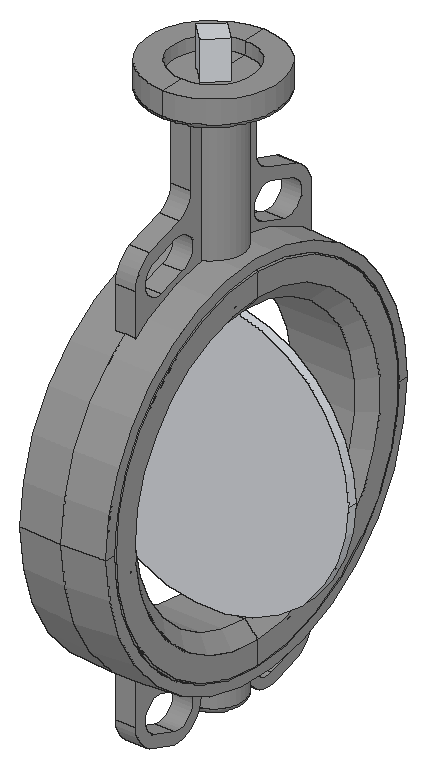
Revit family "Запорно-регулирующая заслонка ZF-4219", category Rohrzubehör, Revit 2020 (continued)
Automatic sketch dimensions
  Extrusion 8 sketch curve to Extrusion 8 sketch curve = 7.405 mm
  Extrusion 8 sketch curve to Extrusion 8 sketch curve = 9.76 mm  (x2)
  Extrusion 8 sketch curve to Extrusion 8 sketch curve = 46.144 mm
  Extrusion 8 sketch curve to Extrusion 8 sketch curve = 0.006 mm
  Extrusion 8 sketch curve to Extrusion 8 sketch curve = 0.159 mm  (x2)
  Extrusion 8 sketch curve to Extrusion 8 sketch curve = 0.225 mm  (x2)
  Extrusion 8 sketch curve to Extrusion 8 sketch curve = 3.156 mm
  Extrusion 7 sketch curve to Extrusion 7 sketch curve = 0 mm  (x29)
  Extrusion 7 sketch curve to level = 0 mm
  Extrusion 7 sketch curve to plane 1 "Mitte (Vorne/hinten)" = 0 mm
  Extrusion 7 sketch curve to Extrusion 7 sketch curve = 4.987 mm  (x2)
  plane 1 "Mitte (Vorne/hinten)" to Extrusion 7 sketch curve = 42.642 mm
  Extrusion 7 sketch curve to Extrusion 7 sketch curve = 3.28 mm  (x2)
  Extrusion 7 sketch curve to Extrusion 7 sketch curve = 14.935 mm  (x2)
  Extrusion 7 sketch curve to Extrusion 7 sketch curve = 11.589 mm  (x2)
  Extrusion 7 sketch curve to Extrusion 7 sketch curve = 14.868 mm  (x2)
  Extrusion 7 sketch curve to Extrusion 7 sketch curve = 33.628 mm  (x4)
  Extrusion 7 sketch curve to Extrusion 7 sketch curve = 3.946 mm  (x4)
  Extrusion 7 sketch curve to Extrusion 7 sketch curve = 12.021 mm  (x8)
  Extrusion 7 sketch curve to Extrusion 7 sketch curve = 8.075 mm  (x8)
  plane 1 "Mitte (Vorne/hinten)" to Extrusion 7 sketch curve = 21.03 mm
  Extrusion 7 sketch curve to Extrusion 7 sketch curve = 5.5 mm
  Extrusion 7 sketch curve to Extrusion 7 sketch curve = 0.54 mm  (x2)
  Extrusion 7 sketch curve to Extrusion 7 sketch curve = 0.103 mm
  Extrusion 7 sketch curve to Extrusion 7 sketch curve = 1.99 mm  (x2)
  plane 1 "Mitte (Vorne/hinten)" to Extrusion 7 sketch curve = 18.5 mm
  Extrusion 7 sketch curve to plane 1 "Mitte (Vorne/hinten)" = 18.5 mm  (x2)
  Extrusion 7 sketch curve to Extrusion 7 sketch curve = 1.897 mm
  Extrusion 7 sketch curve to Extrusion 7 sketch curve = 2 mm
  Extrusion 7 sketch curve to Extrusion 7 sketch curve = 21.612 mm
  Extrusion 7 sketch curve to level = 59.454 mm  (x2)
  Extrusion 7 sketch curve to Extrusion 7 sketch curve = 10.049 mm  (x4)
  Extrusion 7 sketch curve to Extrusion 7 sketch curve = 20.666 mm  (x2)
  Extrusion 7 sketch curve to Extrusion 7 sketch curve = 1.725 mm  (x2)
  Extrusion 7 sketch curve to Extrusion 7 sketch curve = 12.438 mm  (x4)
  level to Extrusion 7 sketch curve = 59.454 mm  (x2)
  Extrusion 7 sketch curve to Extrusion 7 sketch curve = 15.768 mm  (x2)
  Extrusion 7 sketch curve to Extrusion 7 sketch curve = 0.361 mm  (x2)
  Extrusion 7 sketch curve to Extrusion 7 sketch curve = 69.242 mm
  Extrusion 7 sketch curve to Extrusion 7 sketch curve = 0.014 mm
  Extrusion 7 sketch curve to Extrusion 7 sketch curve = 0.29 mm  (x2)
  Extrusion 6 sketch curve to Extrusion 6 sketch curve = 0 mm  (x31)
  Extrusion 6 sketch curve to level = 0 mm
  Extrusion 6 sketch curve to plane 1 "Mitte (Vorne/hinten)" = 0 mm
  plane 1 "Mitte (Vorne/hinten)" to Extrusion 6 sketch curve = 18.5 mm  (x2)
  Extrusion 6 sketch curve to Extrusion 6 sketch curve = 1.897 mm  (x2)
  Extrusion 6 sketch curve to Extrusion 6 sketch curve = 2 mm
  Extrusion 6 sketch curve to Extrusion 6 sketch curve = 4.154 mm  (x2)
  Extrusion 6 sketch curve to Extrusion 6 sketch curve = 5.603 mm
  Extrusion 6 sketch curve to Extrusion 6 sketch curve = 12 mm  (x2)
  Extrusion 6 sketch curve to Extrusion 6 sketch curve = 21.682 mm  (x2)
  Extrusion 6 sketch curve to Extrusion 6 sketch curve = 2.182 mm  (x2)
  Extrusion 6 sketch curve to Extrusion 6 sketch curve = 11.109 mm  (x4)
  Extrusion 6 sketch curve to Extrusion 6 sketch curve = 30.529 mm  (x4)
  Extrusion 6 sketch curve to Extrusion 6 sketch curve = 4.781 mm  (x4)
  Extrusion 6 sketch curve to Extrusion 6 sketch curve = 1.414 mm  (x8)
  Extrusion 6 sketch curve to Extrusion 6 sketch curve = 7.24 mm  (x8)
  Extrusion 6 sketch curve to Extrusion 6 sketch curve = 12.021 mm  (x8)
  Extrusion 6 sketch curve to plane 1 "Mitte (Vorne/hinten)" = 18.5 mm
  Extrusion 6 sketch curve to Extrusion 6 sketch curve = 7.5 mm
  Extrusion 6 sketch curve to Extrusion 6 sketch curve = 0.103 mm
  Extrusion 6 sketch curve to level = 50.036 mm  (x2)
  Extrusion 6 sketch curve to Extrusion 6 sketch curve = 17.112 mm  (x2)
  Extrusion 6 sketch curve to Extrusion 6 sketch curve = 9.185 mm  (x4)
  Extrusion 6 sketch curve to Extrusion 6 sketch curve = 20.608 mm  (x2)
  Extrusion 6 sketch curve to Extrusion 6 sketch curve = 12.868 mm  (x3)
  Extrusion 6 sketch curve to Extrusion 6 sketch curve = 9.096 mm  (x2)
  level to Extrusion 6 sketch curve = 50.036 mm  (x2)
  Extrusion 6 sketch curve to Extrusion 6 sketch curve = 17 mm
  Extrusion 6 sketch curve to Extrusion 6 sketch curve = 56.845 mm
  Extrusion 6 sketch curve to Extrusion 6 sketch curve = 0.017 mm
  Extrusion 6 sketch curve to Extrusion 6 sketch curve = 0.29 mm  (x2)
  Extrusion 5 sketch curve to Extrusion 5 sketch curve = 0 mm  (x25)
  Extrusion 5 sketch curve to level = 0 mm
  Extrusion 5 sketch curve to plane 1 "Mitte (Vorne/hinten)" = 0 mm
  plane 1 "Mitte (Vorne/hinten)" to Extrusion 5 sketch curve = 18.5 mm  (x2)
  Extrusion 5 sketch curve to Extrusion 5 sketch curve = 0.579 mm  (x2)
  Extrusion 5 sketch curve to Extrusion 5 sketch curve = 1.897 mm  (x2)
  Extrusion 5 sketch curve to Extrusion 5 sketch curve = 0.103 mm
  Extrusion 5 sketch curve to Extrusion 5 sketch curve = 5.603 mm
  Extrusion 5 sketch curve to Extrusion 5 sketch curve = 15.942 mm  (x4)
  Extrusion 5 sketch curve to Extrusion 5 sketch curve = 13 mm  (x2)
  Extrusion 5 sketch curve to Extrusion 5 sketch curve = 11.367 mm  (x4)
  Extrusion 5 sketch curve to Extrusion 5 sketch curve = 25.663 mm  (x4)
  Extrusion 5 sketch curve to Extrusion 5 sketch curve = 4.027 mm  (x4)
  Extrusion 5 sketch curve to Extrusion 5 sketch curve = 12.021 mm  (x5)
  Extrusion 5 sketch curve to Extrusion 5 sketch curve = 9.55 mm  (x4)
  Extrusion 5 sketch curve to Extrusion 5 sketch curve = 7.5 mm
  Extrusion 5 sketch curve to plane 1 "Mitte (Vorne/hinten)" = 18.5 mm  (x2)
  Extrusion 5 sketch curve to Extrusion 5 sketch curve = 2 mm
  Extrusion 5 sketch curve to level = 38.887 mm  (x2)
  Extrusion 5 sketch curve to Extrusion 5 sketch curve = 10.986 mm  (x3)
  Extrusion 5 sketch curve to Extrusion 5 sketch curve = 10.231 mm  (x3)
  Extrusion 5 sketch curve to Extrusion 5 sketch curve = 10.467 mm  (x4)
  Extrusion 5 sketch curve to Extrusion 5 sketch curve = 12.18 mm  (x2)
  Extrusion 5 sketch curve to Extrusion 5 sketch curve = 12.641 mm  (x4)
  Extrusion 5 sketch curve to Extrusion 5 sketch curve = 9.983 mm  (x2)
  level to Extrusion 5 sketch curve = 38.887 mm  (x2)
  Extrusion 5 sketch curve to Extrusion 5 sketch curve = 21.217 mm
  Extrusion 5 sketch curve to Extrusion 5 sketch curve = 16.969 mm  (x2)
  Extrusion 5 sketch curve to Extrusion 5 sketch curve = 51.117 mm
  Extrusion 5 sketch curve to Extrusion 5 sketch curve = 0.01 mm
  Extrusion 5 sketch curve to Extrusion 5 sketch curve = 0.29 mm  (x2)
  level to Extrusion 5 sketch curve = 49.873 mm
  Extrusion 4 sketch curve to Extrusion 4 sketch curve = 0 mm  (x28)
  Extrusion 4 sketch curve to level = 0 mm
  Extrusion 4 sketch curve to plane 1 "Mitte (Vorne/hinten)" = 0 mm
  plane 1 "Mitte (Vorne/hinten)" to Extrusion 4 sketch curve = 18.5 mm  (x2)
  Extrusion 4 sketch curve to Extrusion 4 sketch curve = 1.897 mm  (x2)
  Extrusion 4 sketch curve to Extrusion 4 sketch curve = 0.103 mm  (x2)
  Extrusion 4 sketch curve to Extrusion 4 sketch curve = 5.603 mm  (x2)
  Extrusion 4 sketch curve to Extrusion 4 sketch curve = 12.115 mm  (x4)
  Extrusion 4 sketch curve to Extrusion 4 sketch curve = 9 mm  (x2)
  Extrusion 4 sketch curve to Extrusion 4 sketch curve = 11.39 mm  (x2)
  Extrusion 4 sketch curve to Extrusion 4 sketch curve = 7.005 mm  (x2)
  Extrusion 4 sketch curve to Extrusion 4 sketch curve = 22.772 mm  (x4)
  Extrusion 4 sketch curve to Extrusion 4 sketch curve = 4.597 mm  (x4)
  Extrusion 4 sketch curve to Extrusion 4 sketch curve = 1.485 mm  (x4)
  Extrusion 4 sketch curve to Extrusion 4 sketch curve = 12.021 mm  (x4)
  Extrusion 4 sketch curve to Extrusion 4 sketch curve = 9.247 mm  (x4)
  Extrusion 4 sketch curve to plane 1 "Mitte (Vorne/hinten)" = 18.5 mm  (x2)
  Extrusion 4 sketch curve to level = 31.935 mm  (x2)
  Extrusion 4 sketch curve to Extrusion 4 sketch curve = 1.34 mm  (x4)
  Extrusion 4 sketch curve to Extrusion 4 sketch curve = 10.245 mm  (x4)
  Extrusion 4 sketch curve to Extrusion 4 sketch curve = 9.866 mm  (x4)
  Extrusion 4 sketch curve to Extrusion 4 sketch curve = 9.447 mm  (x4)
  Extrusion 4 sketch curve to Extrusion 4 sketch curve = 11.077 mm  (x4)
  Extrusion 4 sketch curve to Extrusion 4 sketch curve = 11.926 mm  (x2)
  level to Extrusion 4 sketch curve = 31.935 mm  (x2)
  Extrusion 4 sketch curve to Extrusion 4 sketch curve = 12.62 mm  (x2)
  Extrusion 4 sketch curve to Extrusion 4 sketch curve = 12.99 mm  (x2)
  Extrusion 4 sketch curve to Extrusion 4 sketch curve = 41.354 mm
  Extrusion 4 sketch curve to Extrusion 4 sketch curve = 0.018 mm
  Extrusion 4 sketch curve to Extrusion 4 sketch curve = 0.29 mm  (x2)
  Extrusion 3 sketch curve to Extrusion 3 sketch curve = 0 mm  (x23)
  Extrusion 3 sketch curve to level = 0 mm
  Extrusion 3 sketch curve to plane 1 "Mitte (Vorne/hinten)" = 0 mm
  plane 1 "Mitte (Vorne/hinten)" to Extrusion 3 sketch curve = 18 mm
  Extrusion 3 sketch curve to Extrusion 3 sketch curve = 1.897 mm  (x2)
  Extrusion 3 sketch curve to Extrusion 3 sketch curve = 0.103 mm  (x2)
  plane 1 "Mitte (Vorne/hinten)" to Extrusion 3 sketch curve = 22.391 mm
  Extrusion 3 sketch curve to Extrusion 3 sketch curve = 1.414 mm  (x14)
  Extrusion 3 sketch curve to Extrusion 3 sketch curve = 6.103 mm  (x2)
  Extrusion 3 sketch curve to Extrusion 3 sketch curve = 2 mm  (x2)
  Extrusion 3 sketch curve to Extrusion 3 sketch curve = 7.709 mm  (x4)
  Extrusion 3 sketch curve to Extrusion 3 sketch curve = 13.318 mm  (x5)
  Extrusion 3 sketch curve to Extrusion 3 sketch curve = 15.842 mm  (x5)
  Extrusion 3 sketch curve to Extrusion 3 sketch curve = 10.233 mm
  Extrusion 3 sketch curve to Extrusion 3 sketch curve = 3.184 mm  (x7)
  Extrusion 3 sketch curve to Extrusion 3 sketch curve = 6.315 mm  (x8)
  Extrusion 3 sketch curve to Extrusion 3 sketch curve = 3.021 mm  (x4)
  Extrusion 3 sketch curve to Extrusion 3 sketch curve = 5.303 mm  (x8)
  Extrusion 3 sketch curve to level = 23.805 mm  (x2)
  Extrusion 3 sketch curve to Extrusion 3 sketch curve = 3.106 mm  (x6)
  level to Extrusion 3 sketch curve = 23.805 mm  (x2)
  Extrusion 3 sketch curve to Extrusion 3 sketch curve = 6.654 mm  (x4)
  Extrusion 3 sketch curve to Extrusion 3 sketch curve = 9.77 mm  (x4)
  Extrusion 3 sketch curve to plane 1 "Mitte (Vorne/hinten)" = 18 mm
  Extrusion 3 sketch curve to plane 1 "Mitte (Vorne/hinten)" = 22.391 mm
  Extrusion 3 sketch curve to Extrusion 3 sketch curve = 5.708 mm  (x2)
  Extrusion 3 sketch curve to Extrusion 3 sketch curve = 3.131 mm
  level to Extrusion 3 sketch curve = 42.831 mm
  Extrusion 3 sketch curve to Extrusion 3 sketch curve = 4.045 mm
  Extrusion 3 sketch curve to Extrusion 3 sketch curve = 12.379 mm
  Extrusion 3 sketch curve to Extrusion 3 sketch curve = 68.43 mm
  Extrusion 3 sketch curve to Extrusion 3 sketch curve = 0.003 mm
  Extrusion 3 sketch curve to Extrusion 3 sketch curve = 0.316 mm  (x2)
  curve 12 to level = 0 mm
  curve 12 to plane 3 "Mitte (Links/rechts)" = 0 mm
  plane 1 "Mitte (Vorne/hinten)" to curve 6 = 0 mm
  curve 6 to plane 3 "Mitte (Links/rechts)" = 0 mm
  Revolve 1 sketch curve to plane 1 "Mitte (Vorne/hinten)" = 0 mm
  Revolve 1 sketch curve to Revolve 1 sketch curve = 0.987 mm
  Revolve 1 sketch curve to Revolve 1 sketch curve = 1.5 mm  (x3)
  Revolve 1 sketch curve to Revolve 1 sketch curve = 0.513 mm  (x2)
  Revolve 1 sketch curve to Revolve 1 sketch curve = 0.915 mm  (x2)
  Revolve 1 sketch curve to Revolve 1 sketch curve = 1978.5 mm  (x2)
  Revolve 11 sketch curve to plane 1 "Mitte (Vorne/hinten)" = 0 mm  (x2)
  Revolve 11 sketch curve to Revolve 11 sketch curve = 3 mm
  Revolve 11 sketch curve to Revolve 11 sketch curve = 459.992 mm
  level to Revolve 11 sketch curve = 2741.474 mm
  Revolve 12 sketch curve to plane 1 "Mitte (Vorne/hinten)" = 0 mm  (x3)
  Revolve 12 sketch curve to Revolve 12 sketch curve = 1.895 mm
  Revolve 12 sketch curve to Revolve 12 sketch curve = 2 mm  (x2)
  Revolve 12 sketch curve to Revolve 12 sketch curve = 0.105 mm
  Revolve 12 sketch curve to level = 520.992 mm
  Revolve 12 sketch curve to Revolve 12 sketch curve = 2616.474 mm
  Revolve 13 sketch curve to level = 0 mm
  Revolve 13 sketch curve to Revolve 13 sketch curve = 1.492 mm
  Revolve 13 sketch curve to Revolve 13 sketch curve = 0.18 mm  (x2)
  Revolve 13 sketch curve to Revolve 13 sketch curve = 5.027 mm
  Revolve 13 sketch curve to Revolve 13 sketch curve = 1 mm
  Revolve 13 sketch curve to Revolve 13 sketch curve = 0.999 mm  (x2)
  Revolve 13 sketch curve to Revolve 13 sketch curve = 0.27 mm
  Revolve 13 sketch curve to Revolve 13 sketch curve = 0.957 mm
  Revolve 13 sketch curve to Revolve 13 sketch curve = 1328.99 mm
  Revolve 13 sketch curve to Revolve 13 sketch curve = 1875.983 mm
  Extrusion 14 sketch curve to level = 0 mm
  Extrusion 14 sketch curve to plane 3 "Mitte (Links/rechts)" = 0 mm
  radius of Extrusion 10 sketch curve = 12 mm  (x4)
  radius of Extrusion 9 sketch curve = 9.5 mm  (x4)
  radius of Extrusion 9 sketch curve = 14 mm  (x4)
  radius of Extrusion 7 sketch curve = 11.5 mm  (x4)
  radius of Extrusion 7 sketch curve = 9.5 mm  (x4)
  radius of Extrusion 6 sketch curve = 9.5 mm  (x8)
  radius of Extrusion 5 sketch curve = 9.5 mm  (x8)
  radius of Extrusion 4 sketch curve = 9.5 mm  (x8)
  radius of curve 12 = 7 mm
  radius of curve 6 = 5 mm
Nested families
  nested 1: "Herz-Logo-vorne" at (-20, 0, 145.5), type "Herz-Logo-vorne"
Connectors
  piping at (30.75, 0, 0), diameter 200, driven by "Nennweite"
    settings: on Revolve 13, index 1, connector inside diameter 609.6 mm, connector length 0 mm, flow factor 0, pipe flow 0.0 L/s, pressure drop 0.0 Pa, fitting loss kfactor 0, connector angle 0.00°, fixture units 0, engagement length 0 mm, angle of deflection 0.00°, flow configuration 0, flow direction 0, fitting loss method 0, system type 29, joint type 0, gender type 0, connector reference index -1, connector utility 0, adjustable connector no, is connector primary yes, connector description ""
  piping at (-30.75, 0, 0), diameter 200, driven by "Nennweite"
    settings: on Revolve 13, index 2, connector inside diameter 609.6 mm, connector length 0 mm, flow factor 0, pipe flow 0.0 L/s, pressure drop 0.0 Pa, fitting loss kfactor 0, connector angle 0.00°, fixture units 0, engagement length 0 mm, angle of deflection 0.00°, flow configuration 0, flow direction 0, fitting loss method 0, system type 29, joint type 0, gender type 0, connector reference index -1, connector utility 0, adjustable connector no, is connector primary no, connector description ""
Definition of nested family "Herz-Logo-vorne"
  Parameters (values of type "Herz-Logo-vorne")
    Default Elevation = 0 mm
  Reference planes
    plane 1 "Mitte (Vorne/hinten)": y = 0
    plane 2: z = 0
    plane 3 "Mitte (Links/rechts)": x = 0
  Forms (mm)
    Extrusion 1, solid
      sketch origin (0.732, -0.018, 0.017) x (0, -1, 0) y (0, 0, 1)
        loop
          line (-0.018, -4.517) -> (4.482, -4.517) -> (4.482, 4.483) -> (-4.518, 4.483) -> (-4.518, -4.517) -> (-0.018, -4.517)
        loop
          line (-0.05, -3.48) -> (3.482, -3.48) -> (3.482, 3.483) -> (-3.518, 3.483) -> (-3.518, -3.48) -> (-0.05, -3.48)
        loop
          arc (-0.018, 2.383) -> (-1.543, 3.287) -> (-3.067, 2.383) r 1.738
          arc (-3.067, 2.383) -> (-3.191, 1.899) -> (-3.067, 1.415) r 1.009
          line (-3.067, 1.415) -> (-0.018, -3.281) -> (3.032, 1.415)
          arc (3.032, 1.415) -> (3.156, 1.899) -> (3.032, 2.383) r 1.009
          arc (3.032, 2.383) -> (1.507, 3.287) -> (-0.018, 2.383) r 1.738
        loop
          arc (1.885, 1.272) -> (2.005, 1.675) -> (1.885, 2.079) r 0.74
          arc (1.885, 2.079) -> (1.265, 2.416) -> (0.644, 2.079) r 0.74
          line (0.644, 2.079) -> (-0.018, 0.97) -> (-0.679, 2.079)
          arc (-0.679, 2.079) -> (-1.3, 2.416) -> (-1.921, 2.079) r 0.74
          arc (-1.921, 2.079) -> (-2.04, 1.675) -> (-1.921, 1.272) r 0.74
          line (-1.921, 1.272) -> (-0.018, -1.658) -> (1.885, 1.272)
      from 0 to 1.5
  Dimensions and locks
    aligned and locked: level to plane 2
